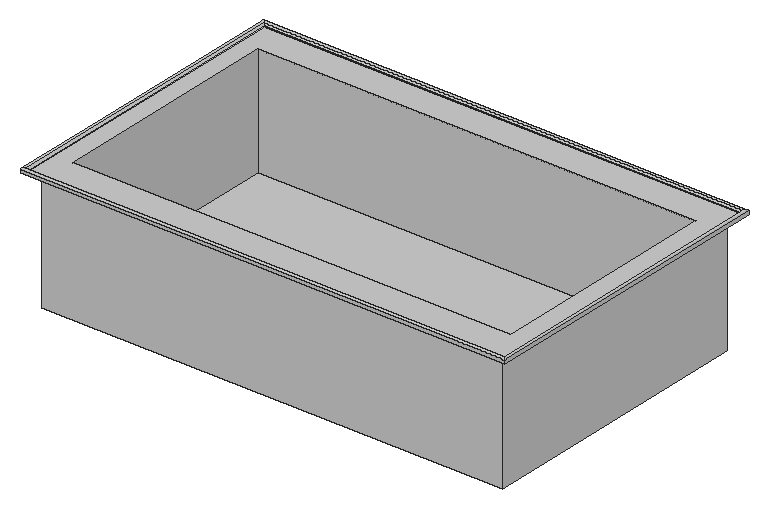
Revit family "QF_VOLLRATH_36430R", category Specialty Equipment, Revit 2016
Family settings
  Part Type = Normal
  Round Connector Dimension = Use Diameter
  OmniClass Number = 23.40.40.14.24.14
  OmniClass Title = Service Line Equipment
  Work Plane-Based = Yes
  Always vertical = Yes
  Cut with Voids When Loaded = Yes
  Shared = No
  Room Calculation Point = No
Parameters (values of type "36430R")
  Weight in Pounds = 0
  Waste Water Discharge Temperature [instance] = 0 °F
  Waste Remarks = ""
  URL Cutsheet = "www.vollrathfoodservice.com/downloads/59738/SPCDrop-inRemoteRefrigNSF7StndrdColdPanL35708en2013-07-30-pdf"
  URL = "www.vollrathfoodservice.com"
  Status [instance] = ""
  Specification by User [instance] = ""
  Specification by Manufacturer = ""
  Serial Number = ""
  Seismic Rating = ""
  SMACNA No = ""
  Revision Code [instance] = ""
  Refrigerant Volume = 0.00 kip
  Refrigerant Type [instance] = "R290"
  Plumbing Remarks [instance] = ""
  Plumbing Connection Type [instance] = ""
  NAFEM Spec ID Number = ""
  Model = "36430R"
  Masterspec = ""
  Manufacturer = "VOLLRATH US"
  Item Number [instance] = ""
  Installed By [instance] = ""
  Identify Quantity as Lot [instance] = no
  Furnished By [instance] = ""
  Foodservice Equipment Identifier [instance] = yes
  Direct Waste Size = 1"
  Direct Waste RI Height = 0"
  Direct Waste Flow = 0 GPM
  Direct Waste Connection Height = 0"
  Description = "THREE-WELL NSF 7-CERTIFIED REMOTE REFRIGERATED DROP-IN COLD WELL"
  Default Elevation = 0"
  CSI MasterFormat = ""
  BTUH = 2300.0 Btu/h
  Author = ""
  Assembly Code = "E1090320"
Reference planes (in)
  plane 1 "Back": y = 0
  plane 2: z = 0
  plane 3 "Left": x = 0
  plane 4 "Front": y = -26
  plane 5 "Top": z = 0
  plane 6 "Right": x = 41.5
Forms (in)
  Extrusion 1, void
    sketch origin (0, 0, 0) x (1, 0, 0) y (0, 1, 0)
      loop
        line (41.125, -0.375) -> (0.375, -0.375) -> (0.375, -25.625) -> (41.125, -25.625) -> (41.125, -0.375)
    from 3.27425 to -10.375
  Extrusion 2, solid
    sketch origin (0, 0, 0) x (1, 0, 0) y (0, 1, 0)
      loop
        line (40.875, -0.625) -> (0.625, -0.625) -> (0.625, -25.375) -> (40.875, -25.375) -> (40.875, -0.625)
      loop
        line (2, -3.0625) -> (2, -22.9375) -> (39.5, -22.9375) -> (39.5, -3.0625) -> (2, -3.0625)
    from 0 to 0.14643
  Sweep 3, solid
    path origin (0, 0, 0) x (1, 0, 0) y (0, 1, 0)
      loop
        line (0.34375, -0.34375) -> (0.34375, -25.65625) -> (41.15625, -25.65625) -> (41.15625, -0.34375) -> (0.34375, -0.34375)
    profile origin (20.75, -0.34375, 0) x (0, 1, 0) y (0, 0, 1)
      loop
        line (0.34375, 0) -> (0.34375, 0.24548)
        arc (0.34375, 0.24548) -> (0.25632, 0.36797) -> (0.11207, 0.3251) r 0.12952
        line (0.11207, 0.3251) -> (0.00446, 0.18703)
        arc (0.00446, 0.18703) -> (-0.03241, 0.15713) -> (-0.07866, 0.14643) r 0.10539
        line (-0.07866, 0.14643) -> (-0.28125, 0.14643) -> (-0.28125, 0) -> (0.34375, 0)
  Extrusion 4, solid
    sketch origin (0, 0, 0.375) x (1, 0, 0) y (0, 1, 0)
      loop
        line (2, -3.0625) -> (2, -22.9375) -> (39.5, -22.9375) -> (39.5, -3.0625) -> (2, -3.0625)
      loop
        line (1, -1) -> (1, -25) -> (40.5, -25) -> (40.5, -1) -> (1, -1)
    from -10.75 to -0.375
  Extrusion 5, solid
    sketch origin (0, 0, 1) x (1, 0, 0) y (0, 1, 0)
      loop
        line (39.5, -3.0625) -> (2, -3.0625) -> (2, -22.9375) -> (39.5, -22.9375) -> (39.5, -3.0625)
      loop
        circle (20.75, -13) r 0.75
    from -11.375 to -10.305
  Extrusion 6, solid
    sketch origin (7.75, -4, 0.375) x (1, 0, 0) y (0, 1, 0)
      loop
        circle (13, -9) r 0.5
      loop
        circle (13, -9) r 0.75
    from -9.68 to -10.75
Cuts and joins
  joined: Extrusion 2, Sweep 3, Extrusion 4, Extrusion 5
Lines and regions (in)
  symbolic lines, style "200-EquipBorder-2D"
    curve 1: line (41.5, 0, 0) -> (0, 0, 0)
    curve 2: line (41.5, -26, 0) -> (41.5, 0, 0)
    curve 3: line (0, 0, 0) -> (0, -26, 0)
    curve 8: line (0, -26, 0) -> (41.5, -26, 0)
  symbolic lines, style "200-EquipInternal-2D"
    curve 4: line (39.5, -3.0625, 0) -> (2, -3.0625, 0)
    curve 5: line (39.5, -22.9375, 0) -> (39.5, -3.0625, 0)
    curve 6: line (2, -22.9375, 0) -> (39.5, -22.9375, 0)
    curve 7: line (2, -3.0625, 0) -> (2, -22.9375, 0)
    curve 9: arc (20.25, -13, 0) -> (20.75, -12.5, 0) -> (21.25, -13, 0) r 0.5
    curve 10: arc (21.25, -13, 0) -> (20.75, -13.5, 0) -> (20.25, -13, 0) r 0.5
    curve 11: arc (21.5, -13, 0) -> (20.75, -12.25, 0) -> (20, -13, 0) r 0.75
    curve 12: arc (20, -13, 0) -> (20.75, -13.75, 0) -> (21.5, -13, 0) r 0.75
Dimensions and locks (in)
  plane 3 "Left" to plane 6 "Right" = 41 1/2"
  plane 4 "Front" to plane 1 "Back" = 26"
  aligned and locked: level to plane 2
Connectors (in)
  piping at (20.75, -13, -10.375), diameter 1, driven by "Direct Waste Flow", driven by "Direct Waste Size"
    settings: on cut or joined group of Extrusion 2, Sweep 3, Extrusion 4, Extrusion 5, index 1, connector inside diameter 24", connector length 0", flow factor 0, pipe flow 0 GPM, pressure drop 0.00 psi, fitting loss kfactor 0, connector angle 0.00°, fixture units 0, engagement length 0", angle of deflection 0.00°, flow configuration 1, flow direction 2, fitting loss method 0, system type 16, joint type 0, gender type 0, connector reference index -1, connector utility 0, adjustable connector no, is connector primary yes, connector description "Drain"
  piping at (37.5, -4, -10.375), diameter 0.3125
    settings: on Extrusion 4, index 2, connector inside diameter 24", connector length 0", flow factor 0, pipe flow 0 GPM, pressure drop 0.00 psi, fitting loss kfactor 0, connector angle 0.00°, fixture units 0, engagement length 0", angle of deflection 0.00°, flow configuration 1, flow direction 1, fitting loss method 0, system type 22, joint type 0, gender type 0, connector reference index -1, connector utility 0, adjustable connector no, is connector primary no, connector description "Refrigeration inlet"
  piping at (36.5, -4, -10.375), diameter 0.3125
    settings: on Extrusion 4, index 3, connector inside diameter 24", connector length 0", flow factor 0, pipe flow 0 GPM, pressure drop 0.00 psi, fitting loss kfactor 0, connector angle 0.00°, fixture units 0, engagement length 0", angle of deflection 0.00°, flow configuration 1, flow direction 2, fitting loss method 0, system type 22, joint type 0, gender type 0, connector reference index -1, connector utility 0, adjustable connector no, is connector primary no, connector description "Refrigeration outlet"
